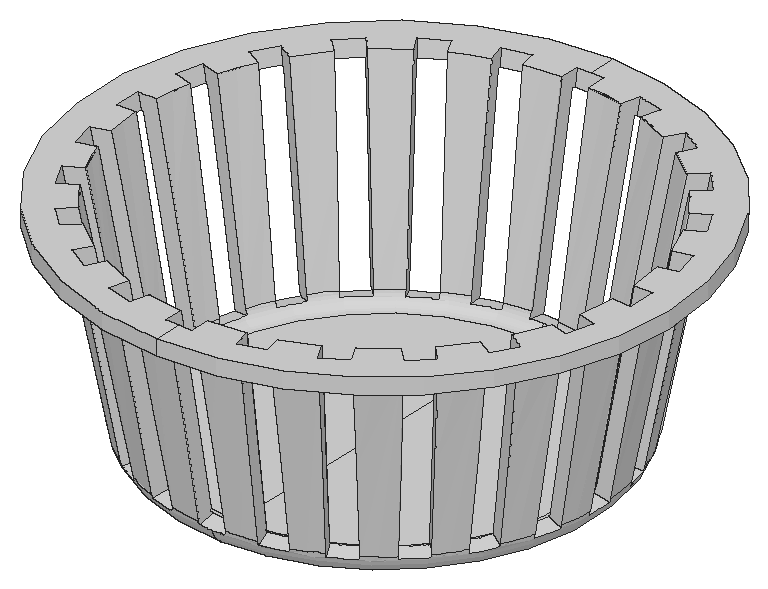
Revit family "A1-MB", category Plumbing Fixtures, Revit 2018
Family settings
  Round Connector Dimension = Use Diameter
  Part Type = Normal
  Work Plane-Based = No
  Always vertical = Yes
  Cut with Voids When Loaded = No
  Shared = No
  Room Calculation Point = No
Parameters (values of type "A1-MB")
  URL = "WWW.MIFAB.COM"
  Model = "A1-MB"
  Manufacturer = "MIFAB"
  Description = "SEDIMENT BUCKET"
Reference planes (in)
  plane 1 "Center (Front/Back)": y = 0
  plane 2: z = 0
  plane 3 "Center (Left/Right)": x = 0
  plane 4: x = -4
  plane 5: x = 4
  plane 6: y = 1.925
  plane 7: y = -1.925
  plane 8: z = 1.5
Forms (in)
  Revolve 1, solid, material "Steel"
    sketch origin (0, 0, 0) x (0, 1, 0) y (0, 0, 1)
      loop
        line (-1.925, 1.5) -> (-1.925, 1.39339) -> (-1.70011, 1.39339) -> (-1.45956, 0.1559)
        arc (-1.45956, 0.1559) -> (-1.39299, 0.044) -> (-1.27044, 0) r 0.19266
        line (-1.27044, 0) -> (0, 0) -> (0, 0.10547) -> (-1.25284, 0.10547)
        arc (-1.25284, 0.10547) -> (-1.32188, 0.13026) -> (-1.35939, 0.1933) r 0.10855
        line (-1.35939, 0.1933) -> (-1.61339, 1.5) -> (-1.925, 1.5)
      axis (0, 0) -> (0, 1.5)
    angle from 0 to 360
  Extrusion 2, void
    sketch origin (0, 0.30362, 0.33948) x (1, 0, 0) y (0, 0.981627, 0.190809)
      loop
        line (-0.09085, -1.50528) -> (-0.09085, -1.78286) -> (0.09085, -1.78286) -> (0.09085, -1.50528) -> (-0.09085, -1.50528)
    from 0.13254 to 1.67101
  Extrusion 3, void
    sketch origin (0.30362, 0, 0.33948) x (0, -1, 0) y (0.981627, 0, 0.190809)
      loop
        line (-0.09085, -1.50528) -> (-0.09085, -1.78286) -> (0.09085, -1.78286) -> (0.09085, -1.50528) -> (-0.09085, -1.50528)
    from 0.13254 to 1.67101
  Extrusion 4, void
    sketch origin (0.07858, 0.29327, 0.33948) x (0.965926, -0.258819, 0) y (0.254064, 0.948179, 0.190809)
      loop
        line (-0.09085, -1.50528) -> (-0.09085, -1.78286) -> (0.09085, -1.78286) -> (0.09085, -1.50528) -> (-0.09085, -1.50528)
    from 0.13254 to 1.67101
  Extrusion 5, void
    sketch origin (0.15181, 0.26294, 0.33948) x (0.866025, -0.5, 0) y (0.490814, 0.850114, 0.190809)
      loop
        line (-0.09085, -1.50528) -> (-0.09085, -1.78286) -> (0.09085, -1.78286) -> (0.09085, -1.50528) -> (-0.09085, -1.50528)
    from 0.13254 to 1.67101
  Extrusion 6, void
    sketch origin (0.21469, 0.21469, 0.33948) x (0.707107, -0.707107, 0) y (0.694115, 0.694115, 0.190809)
      loop
        line (-0.09085, -1.50528) -> (-0.09085, -1.78286) -> (0.09085, -1.78286) -> (0.09085, -1.50528) -> (-0.09085, -1.50528)
    from 0.13254 to 1.67101
  Extrusion 7, void
    sketch origin (0.26294, 0.15181, 0.33948) x (0.5, -0.866025, 0) y (0.850114, 0.490814, 0.190809)
      loop
        line (-0.09085, -1.50528) -> (-0.09085, -1.78286) -> (0.09085, -1.78286) -> (0.09085, -1.50528) -> (-0.09085, -1.50528)
    from 0.13254 to 1.67101
  Extrusion 8, void
    sketch origin (0.29327, 0.07858, 0.33948) x (0.258819, -0.965926, 0) y (0.948179, 0.254064, 0.190809)
      loop
        line (-0.09085, -1.50528) -> (-0.09085, -1.78286) -> (0.09085, -1.78286) -> (0.09085, -1.50528) -> (-0.09085, -1.50528)
    from 0.13254 to 1.67101
  Extrusion 9, void
    sketch origin (-0.07858, 0.29327, 0.33948) x (-0.965926, -0.258819, 0) y (0.254064, -0.948179, -0.190809)
      loop
        line (-0.09085, 1.50528) -> (0.09085, 1.50528) -> (0.09085, 1.78286) -> (-0.09085, 1.78286) -> (-0.09085, 1.50528)
    from 0.13254 to 1.67101
  Extrusion 10, void
    sketch origin (-0.15181, 0.26294, 0.33948) x (-0.866025, -0.5, 0) y (0.490814, -0.850114, -0.190809)
      loop
        line (-0.09085, 1.50528) -> (0.09085, 1.50528) -> (0.09085, 1.78286) -> (-0.09085, 1.78286) -> (-0.09085, 1.50528)
    from 0.13254 to 1.67101
  Extrusion 11, void
    sketch origin (-0.21469, 0.21469, 0.33948) x (-0.707107, -0.707107, 0) y (0.694115, -0.694115, -0.190809)
      loop
        line (-0.09085, 1.50528) -> (0.09085, 1.50528) -> (0.09085, 1.78286) -> (-0.09085, 1.78286) -> (-0.09085, 1.50528)
    from 0.13254 to 1.67101
  Extrusion 12, void
    sketch origin (-0.26294, 0.15181, 0.33948) x (-0.5, -0.866025, 0) y (0.850114, -0.490814, -0.190809)
      loop
        line (-0.09085, 1.50528) -> (0.09085, 1.50528) -> (0.09085, 1.78286) -> (-0.09085, 1.78286) -> (-0.09085, 1.50528)
    from 0.13254 to 1.67101
  Extrusion 13, void
    sketch origin (-0.29327, 0.07858, 0.33948) x (-0.258819, -0.965926, 0) y (0.948179, -0.254064, -0.190809)
      loop
        line (-0.09085, 1.50528) -> (0.09085, 1.50528) -> (0.09085, 1.78286) -> (-0.09085, 1.78286) -> (-0.09085, 1.50528)
    from 0.13254 to 1.67101
  Extrusion 14, void
    sketch origin (-0.07858, -0.29327, 0.33948) x (-0.965926, 0.258819, 0) y (-0.254064, -0.948179, 0.190809)
      loop
        line (-0.09085, -1.50528) -> (-0.09085, -1.78286) -> (0.09085, -1.78286) -> (0.09085, -1.50528) -> (-0.09085, -1.50528)
    from 0.13254 to 1.67101
  Extrusion 15, void
    sketch origin (-0.15181, -0.26294, 0.33948) x (-0.866025, 0.5, 0) y (-0.490814, -0.850114, 0.190809)
      loop
        line (-0.09085, -1.50528) -> (-0.09085, -1.78286) -> (0.09085, -1.78286) -> (0.09085, -1.50528) -> (-0.09085, -1.50528)
    from 0.13254 to 1.67101
  Extrusion 16, void
    sketch origin (-0.21469, -0.21469, 0.33948) x (-0.707107, 0.707107, 0) y (-0.694115, -0.694115, 0.190809)
      loop
        line (-0.09085, -1.50528) -> (-0.09085, -1.78286) -> (0.09085, -1.78286) -> (0.09085, -1.50528) -> (-0.09085, -1.50528)
    from 0.13254 to 1.67101
  Extrusion 17, void
    sketch origin (-0.26294, -0.15181, 0.33948) x (-0.5, 0.866025, 0) y (-0.850114, -0.490814, 0.190809)
      loop
        line (-0.09085, -1.50528) -> (-0.09085, -1.78286) -> (0.09085, -1.78286) -> (0.09085, -1.50528) -> (-0.09085, -1.50528)
    from 0.13254 to 1.67101
  Extrusion 18, void
    sketch origin (-0.29327, -0.07858, 0.33948) x (-0.258819, 0.965926, 0) y (-0.948179, -0.254064, 0.190809)
      loop
        line (-0.09085, -1.50528) -> (-0.09085, -1.78286) -> (0.09085, -1.78286) -> (0.09085, -1.50528) -> (-0.09085, -1.50528)
    from 0.13254 to 1.67101
  Extrusion 19, void
    sketch origin (0.07858, -0.29327, 0.33948) x (0.965926, 0.258819, 0) y (-0.254064, 0.948179, -0.190809)
      loop
        line (-0.09085, 1.50528) -> (0.09085, 1.50528) -> (0.09085, 1.78286) -> (-0.09085, 1.78286) -> (-0.09085, 1.50528)
    from 0.13254 to 1.67101
  Extrusion 20, void
    sketch origin (0.15181, -0.26294, 0.33948) x (0.866025, 0.5, 0) y (-0.490814, 0.850114, -0.190809)
      loop
        line (-0.09085, 1.50528) -> (0.09085, 1.50528) -> (0.09085, 1.78286) -> (-0.09085, 1.78286) -> (-0.09085, 1.50528)
    from 0.13254 to 1.67101
  Extrusion 21, void
    sketch origin (0.21469, -0.21469, 0.33948) x (0.707107, 0.707107, 0) y (-0.694115, 0.694115, -0.190809)
      loop
        line (-0.09085, 1.50528) -> (0.09085, 1.50528) -> (0.09085, 1.78286) -> (-0.09085, 1.78286) -> (-0.09085, 1.50528)
    from 0.13254 to 1.67101
  Extrusion 22, void
    sketch origin (0.26294, -0.15181, 0.33948) x (0.5, 0.866025, 0) y (-0.850114, 0.490814, -0.190809)
      loop
        line (-0.09085, 1.50528) -> (0.09085, 1.50528) -> (0.09085, 1.78286) -> (-0.09085, 1.78286) -> (-0.09085, 1.50528)
    from 0.13254 to 1.67101
  Extrusion 23, void
    sketch origin (0.29327, -0.07858, 0.33948) x (0.258819, 0.965926, 0) y (-0.948179, 0.254064, -0.190809)
      loop
        line (-0.09085, 1.50528) -> (0.09085, 1.50528) -> (0.09085, 1.78286) -> (-0.09085, 1.78286) -> (-0.09085, 1.50528)
    from 0.13254 to 1.67101
  Extrusion 24, void
    sketch origin (0, -0.30362, 0.33948) x (1, 0, 0) y (0, 0.981627, -0.190809)
      loop
        line (-0.09085, 1.50528) -> (0.09085, 1.50528) -> (0.09085, 1.78286) -> (-0.09085, 1.78286) -> (-0.09085, 1.50528)
    from 0.13254 to 1.67101
  Extrusion 25, void
    sketch origin (-0.30362, 0, 0.33948) x (0, -1, 0) y (0.981627, 0, -0.190809)
      loop
        line (-0.09085, 1.50528) -> (0.09085, 1.50528) -> (0.09085, 1.78286) -> (-0.09085, 1.78286) -> (-0.09085, 1.50528)
    from 0.13254 to 1.67101
Cuts and joins
  Extrusion 2, Extrusion 3, Extrusion 4, Extrusion 5, Extrusion 6, Extrusion 7, Extrusion 8, Extrusion 9, Extrusion 10, Extrusion 11, Extrusion 12, Extrusion 13, Extrusion 14, Extrusion 15, Extrusion 16, Extrusion 17, Extrusion 18, Extrusion 19, Extrusion 20, Extrusion 21, Extrusion 22, Extrusion 23, Extrusion 24, Extrusion 25 cuts Revolve 1
Dimensions and locks (in)
  plane 4 to plane 3 "Center (Left/Right)" to plane 5 = 0' - 4", 0' - 4"
  plane 4 to plane 5 = 0' - 8"
  equal spacing: plane 7, plane 1 "Center (Front/Back)", plane 6
  plane 7 to plane 6 = 0' - 3.85"
  plane 6 to plane 1 "Center (Front/Back)" to plane 7 = 0' - 1.925", 0' - 1.925"
  plane 6 to plane 7 = 0' - 3.85"
  locked: plane 8 to plane 2 at 1.5
  aligned and locked: level to plane 2
Automatic sketch dimensions
  Revolve 1 sketch curve to plane 7 = 0' - 0"
  Revolve 1 sketch curve to plane 8 = 0' - 0"
  Revolve 1 sketch curve to level = 0' - 0"
  Revolve 1 sketch curve to plane 1 "Center (Front/Back)" = 0' - 0"  (x2)
  Revolve 1 sketch curve to plane 8 = 0' - 0.10661"
  Revolve 1 sketch curve to Revolve 1 sketch curve = 0' - 0.22489"
  Revolve 1 sketch curve to Revolve 1 sketch curve = 0' - 0.08672"
  level to Revolve 1 sketch curve = 0' - 0.1559"
  Revolve 1 sketch curve to plane 7 = 0' - 0.46544"
  level to Revolve 1 sketch curve = 0' - 0.1933"
  Revolve 1 sketch curve to Revolve 1 sketch curve = 0' - 0.10017"
  Revolve 1 sketch curve to Revolve 1 sketch curve = 0' - 0.08895"
  Revolve 1 sketch curve to Revolve 1 sketch curve = 0' - 0.0176"
  Revolve 1 sketch curve to Revolve 1 sketch curve = 0' - 0 27/256"
  plane 8 to Revolve 1 sketch curve = 0' - 0 1/2"
  Revolve 1 sketch curve to Revolve 1 sketch curve = 0' - 0.33825"
  Extrusion 2 sketch curve to plane 3 "Center (Left/Right)" = 0' - 0.09085"
  plane 3 "Center (Left/Right)" to Extrusion 2 sketch curve = 0' - 0.09085"
  Extrusion 2 sketch curve to Extrusion 2 sketch curve = 0' - 0.27758"
  Extrusion 3 sketch curve to plane 1 "Center (Front/Back)" = 0' - 0.09085"
  plane 1 "Center (Front/Back)" to Extrusion 3 sketch curve = 0' - 0.09085"
  Extrusion 3 sketch curve to Extrusion 3 sketch curve = 0' - 0.27758"
  Extrusion 4 sketch curve to Extrusion 4 sketch curve = 0' - 0.18171"
  Extrusion 4 sketch curve to Extrusion 4 sketch curve = 0' - 0.27758"
  Extrusion 5 sketch curve to Extrusion 5 sketch curve = 0' - 0.18171"
  Extrusion 5 sketch curve to Extrusion 5 sketch curve = 0' - 0.27758"
  Extrusion 6 sketch curve to Extrusion 6 sketch curve = 0' - 0.18171"
  Extrusion 6 sketch curve to Extrusion 6 sketch curve = 0' - 0.27758"
  Extrusion 7 sketch curve to Extrusion 7 sketch curve = 0' - 0.18171"
  Extrusion 7 sketch curve to Extrusion 7 sketch curve = 0' - 0.27758"
  Extrusion 8 sketch curve to Extrusion 8 sketch curve = 0' - 0.18171"
  Extrusion 8 sketch curve to Extrusion 8 sketch curve = 0' - 0.27758"
  Extrusion 9 sketch curve to Extrusion 9 sketch curve = 0' - 0.18171"
  Extrusion 9 sketch curve to Extrusion 9 sketch curve = 0' - 0.27758"
  Extrusion 10 sketch curve to Extrusion 10 sketch curve = 0' - 0.18171"
  Extrusion 10 sketch curve to Extrusion 10 sketch curve = 0' - 0.27758"
  Extrusion 11 sketch curve to Extrusion 11 sketch curve = 0' - 0.18171"
  Extrusion 11 sketch curve to Extrusion 11 sketch curve = 0' - 0.27758"
  Extrusion 12 sketch curve to Extrusion 12 sketch curve = 0' - 0.18171"
  Extrusion 12 sketch curve to Extrusion 12 sketch curve = 0' - 0.27758"
  Extrusion 13 sketch curve to Extrusion 13 sketch curve = 0' - 0.18171"
  Extrusion 13 sketch curve to Extrusion 13 sketch curve = 0' - 0.27758"
  Extrusion 14 sketch curve to Extrusion 14 sketch curve = 0' - 0.18171"
  Extrusion 14 sketch curve to Extrusion 14 sketch curve = 0' - 0.27758"
  Extrusion 15 sketch curve to Extrusion 15 sketch curve = 0' - 0.18171"
  Extrusion 15 sketch curve to Extrusion 15 sketch curve = 0' - 0.27758"
  Extrusion 16 sketch curve to Extrusion 16 sketch curve = 0' - 0.18171"
  Extrusion 16 sketch curve to Extrusion 16 sketch curve = 0' - 0.27758"
  Extrusion 17 sketch curve to Extrusion 17 sketch curve = 0' - 0.18171"
  Extrusion 17 sketch curve to Extrusion 17 sketch curve = 0' - 0.27758"
  Extrusion 18 sketch curve to Extrusion 18 sketch curve = 0' - 0.18171"
  Extrusion 18 sketch curve to Extrusion 18 sketch curve = 0' - 0.27758"
  Extrusion 19 sketch curve to Extrusion 19 sketch curve = 0' - 0.18171"
  Extrusion 19 sketch curve to Extrusion 19 sketch curve = 0' - 0.27758"
  Extrusion 20 sketch curve to Extrusion 20 sketch curve = 0' - 0.18171"
  Extrusion 20 sketch curve to Extrusion 20 sketch curve = 0' - 0.27758"
  Extrusion 21 sketch curve to Extrusion 21 sketch curve = 0' - 0.18171"
  Extrusion 21 sketch curve to Extrusion 21 sketch curve = 0' - 0.27758"
  Extrusion 22 sketch curve to Extrusion 22 sketch curve = 0' - 0.18171"
  Extrusion 22 sketch curve to Extrusion 22 sketch curve = 0' - 0.27758"
  Extrusion 23 sketch curve to Extrusion 23 sketch curve = 0' - 0.18171"
  Extrusion 23 sketch curve to Extrusion 23 sketch curve = 0' - 0.27758"
  Extrusion 24 sketch curve to plane 3 "Center (Left/Right)" = 0' - 0.09085"
  plane 3 "Center (Left/Right)" to Extrusion 24 sketch curve = 0' - 0.09085"
  Extrusion 24 sketch curve to Extrusion 24 sketch curve = 0' - 0.27758"
  Extrusion 25 sketch curve to plane 1 "Center (Front/Back)" = 0' - 0.09085"
  plane 1 "Center (Front/Back)" to Extrusion 25 sketch curve = 0' - 0.09085"
  Extrusion 25 sketch curve to Extrusion 25 sketch curve = 0' - 0.27758"
